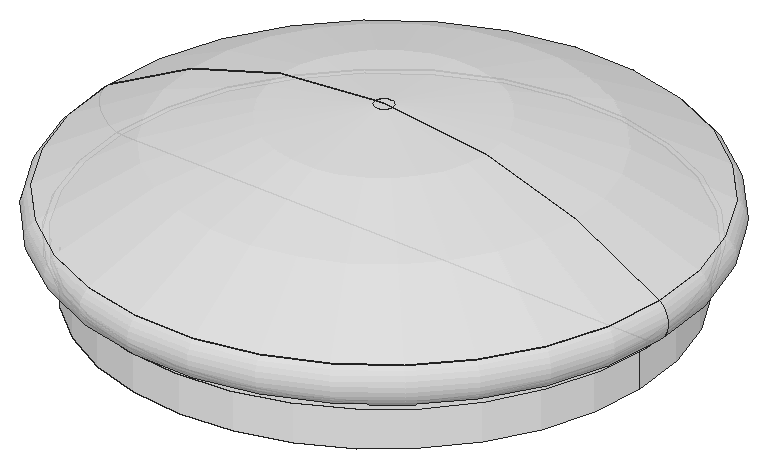
Revit family "0043238 Sylvania Lighting Fixture SYLCIRCLE DIM DUAL TONE 18W 3000K 4000K", category Lighting Fixtures, host Face, Revit 2016
Family settings
  Host = Face
  Part Type = Normal
  Round Connector Dimension = Use Diameter
  OmniClass Number = 23.80.70.11.17
  OmniClass Title = Specialized Lighting by Location or Use
  Cut with Voids When Loaded = No
  Light Source = Yes
  Shared = No
  Room Calculation Point = No
Parameters (values of type "0043238 SYLCIRCLE DIM DUAL TONE 18W 4000K")
  Weight = "3.0 kg"
  WarrantyStartDate [instance] = "n/a"
  WarrantyGuarantorParts = "n/a"
  WarrantyDurationUnit = "n/a"
  WarrantyDurationParts = "n/a"
  WarrantyDescription = "n/a"
  Voltage = 230 V
  TypeName = "SYLCIRCLE DIM DUAL TONE 18W 4000K"
  SerialNumber [instance] = "n/a"
  Radius_FEILO = 165.0 mm
  Wattage = 18 W
  built-in parameter 1150110 = 1 (stored number, unit not read)
  URL = "http://www.sylvania-lighting.com"
  built-in parameter 1114217 = 1 (stored number, unit not read)
  Tilt Angle = -90°
  built-in parameter 1150109 = 1 (stored number, unit not read)
  built-in parameter 1150134 = 12
  built-in parameter 1150113 = 1 (stored number, unit not read)
  PowerFactor = 0.8
  PowerConsumption = "18 W"
  Photometric Web File = "0043238 SYLCIRCLE DIM DUAL TONE 18W 4000K.IES"
  NominalWidth = 0.0 mm
  NominalLength = 330.0 mm
  NominalHeight = 96.0 mm
  Name = "SYLCIRCLE DIM DUAL TONE 18W 3000K/4000K"
  ModelReference = "SYLCIRCLE DIM DUAL TONE 18W 3000K/4000K"
  ModelNumber = "0043238"
  Material_4_FEILO = none
  Material_3_FEILO = Polycarbonate_Sylvania_Sylcircle_Opal
  Material_2_FEILO = Metal_Sylvania_Sylcircle_White
  Material_1_FEILO = none
  Material = "aluminium housing, pmma diffuser"
  ManufacturerName = "Feilo Sylvania"
  LuminousEfficacy = "83 lm/W"
  LuminaireType = ""
  LightOutputRatio = "n/a"
  LampsType = Lamp  # "LED"
  LampNominalLuminous = "1500 lm"
  LampMacAdamStep = "6"
  LampColourTemperature = "4000 K"
  LampColourRenderingIndex = "80"
  Keynote = "16500"
  InstallationDate [instance] = "n/a"
  InputVoltage = "220-240V~"
  InputNominalFrequency = "50 Hz"
  IngressProtection = "IP44"
  ImpactProtectionIndex = "IK03"
  IfcExportType = "IfcLightFixtureType"
  IfcExportAs = "IfcLightFixtureType"
  Height_FEILO = 96.0 mm
  ExpectedLife = 50000
  ElectricShockClassification = "Class I"
  DurationUnit = "hours"
  DocumentationLiterature = "http://www.sylvania-lighting.com/product/en-int/products/0043238"
  DimmingControlOptions = "Dimmable"
  Diameter_FEILO = 2 * Radius_FEILO  # 330.0 mm
  CreatedOn = "5/25/2018"
  CreatedBy = "aron.fodor@sylvania-lighting.com"
  built-in parameter 1114216 [instance] = 1 (stored number, unit not read)
  Model = "SYLCIRCLE DIM DUAL TONE 18W 3000K/4000K"
  Manufacturer = "Feilo Sylvania"
  built-in parameter 1150105 = 389.15 (stored number, unit not read)
  Lumens = 1494 lm
  built-in parameter 1150115 = 1 (stored number, unit not read)
  built-in parameter 1150137 = (empty or 0)
  built-in parameter 1150139 = (empty or 0)
  built-in parameter 1150112 = 1 (stored number, unit not read)
  built-in parameter 1150114 = 1 (stored number, unit not read)
  Lamp = "LED"
  built-in parameter 1150132 = 2
  built-in parameter 1150102 = (empty or 0)
  built-in parameter 1150107 = 4000 (stored number, unit not read)
  built-in parameter 1150138 = (empty or 0)
  built-in parameter 1150106 = 3.8915 (stored number, unit not read)
  built-in parameter 1150104 = 7.711 (stored number, unit not read)
  Dimming Lamp Color Temperature Shift = <None>
  Description = "SYLCIRCLE DIM DUAL TONE 18W with choice of 3000K or 4000K"
  Default Elevation = 0.0 mm
  Color Filter = 16777215
  built-in parameter 1140040 [instance] = 1
  BarCode [instance] = "n/a"
  built-in parameter 1114218 = 1 (stored number, unit not read)
  built-in parameter 1150133 = 10 (stored number, unit not read)
  AssetType = "Fixed"
  AssetIdentifier [instance] = "n/a"
  Assembly Code = "D5020200"
  Apparent Load = 18 VA
Types (2, lengths in mm): name | TypeName | built-in parameter 1150134 | Photometric Web File | LampColourTemperature | built-in parameter 1150107
  0043238 SYLCIRCLE DIM DUAL TONE 18W 3000K | "SYLCIRCLE DIM DUAL TONE 18W 3000K" | (empty or 0) | "0043238.ies" | "3000 K" | 3000 (stored number, unit not read)
  0043238 SYLCIRCLE DIM DUAL TONE 18W 4000K | "SYLCIRCLE DIM DUAL TONE 18W 4000K" | 12 | "0043238 SYLCIRCLE DIM DUAL TONE 18W 4000K.IES" | "4000 K" | 4000 (stored number, unit not read)
Reference planes
  plane 1 "Center (Front/Back)": y = 0
  plane 2: z = 0
  plane 3 "Center (Left/Right)": x = 0
  plane 4: x = 165
  plane 5: z = 23
  plane 6 "Housing Bottom": z = 27
  plane 7: z = 50
  plane 8 "Fixture Bottom": z = 96
  plane 9: x = 160
  plane 10: x = 155
  plane 11: x = 152
  plane 12: x = 148
Forms (mm)
  Revolve 1, solid, material "Polycarbonate_Sylvania_Sylcircle_Opal" <- "Material_3_FEILO", detail levels fine
    sketch origin (0, 0, 0) x (1, 0, 0) y (0, 0, 1)
      loop
        line (0, 96) -> (0, 27) -> (154.962, 27)
        arc (154.962, 27) -> (164.736, 36.911) -> (160, 50) r 13.044
        arc (160, 50) -> (85.841, 84.257) -> (5, 96) r 284.141
        line (5, 96) -> (0, 96)
      axis (0, 96) -> (0, 27)
    angle from 0 to 360
  Revolve 2, solid, material "Metal_Sylvania_Sylcircle_White" <- "Material_2_FEILO", detail levels fine
    sketch origin (0, 0, 0) x (1, 0, 0) y (0, 0, 1)
      loop
        line (152, 27) -> (0, 27) -> (0, 0) -> (148, 0) -> (148, 23) -> (152, 23) -> (152, 27)
      axis (0, 27) -> (0, 0)
    angle from 0 to 360
  Revolve 3, solid, material "Metal_Sylvania_Sylcircle_White" <- "Material_2_FEILO", detail levels coarse+medium
    sketch origin (0, 0, 0) x (1, 0, 0) y (0, 0, 1)
      loop
        line (0, 96) -> (0, 0) -> (148, 0) -> (148, 23) -> (152, 23) -> (152, 27) -> (154.962, 27)
        arc (154.962, 27) -> (164.736, 36.911) -> (160, 50) r 13.044
        arc (160, 50) -> (85.841, 84.257) -> (5, 96) r 284.141
        line (5, 96) -> (0, 96)
      axis (0, 96) -> (0, 0)
    angle from 0 to 360
Dimensions and locks
  "Height_FEILO": plane 8 "Fixture Bottom" to plane 2
  "Radius_FEILO": plane 4 to plane 3 "Center (Left/Right)"
  plane 6 "Housing Bottom" to plane 5 to plane 2 = 4.0 mm locked, 23.0 mm locked
  plane 4 to plane 9 to plane 10 to plane 11 to plane 12 = 5.0 mm locked, 5.0 mm locked, 3.0 mm locked, 4.0 mm locked
  aligned and locked: plane 2 to host face
  aligned and locked: level to host face
  aligned and locked: plane 1 "Center (Front/Back)" to imposter light
  aligned and locked: plane 3 "Center (Left/Right)" to imposter light
  aligned and locked: Revolve 1 sketch curve to plane 3 "Center (Left/Right)"
  aligned and locked: plane 6 "Housing Bottom" to Revolve 1 sketch curve  (x2)
  aligned and locked: Revolve 1 sketch curve to plane 8 "Fixture Bottom"
  aligned and locked: plane 9 to Revolve 1 sketch curve
  aligned and locked: Revolve 2 sketch curve to plane 6 "Housing Bottom"
  aligned and locked: Revolve 2 sketch curve to plane 11
  aligned and locked: Revolve 2 sketch curve to plane 5
  aligned and locked: Revolve 2 sketch curve to plane 12
  aligned and locked: Revolve 2 sketch curve to plane 2
  aligned and locked: Revolve 2 sketch curve to plane 3 "Center (Left/Right)"  (x2)
  aligned and locked: plane 8 "Fixture Bottom" to imposter light
  aligned and locked: plane 9 to Revolve 3 sketch curve
  aligned and locked: plane 6 "Housing Bottom" to Revolve 3 sketch curve
  aligned and locked: plane 7 to Revolve 3 sketch curve
  aligned and locked: Revolve 3 sketch curve to imposter light
  aligned and locked: Revolve 3 sketch curve to plane 11
  aligned and locked: Revolve 3 sketch curve to plane 2
  aligned and locked: Revolve 3 sketch curve to plane 5
  aligned and locked: Revolve 3 sketch curve to plane 12
Automatic sketch dimensions
  host sketch curve to host sketch curve = 1305.563 mm
  host sketch curve to host sketch curve = 1283.632 mm
  Revolve 1 sketch curve to plane 3 "Center (Left/Right)" = 0.0 mm
  Revolve 1 sketch curve to plane 7 = 0.0 mm
  Revolve 1 sketch curve to plane 10 = 0.038 mm
  plane 3 "Center (Left/Right)" to Revolve 1 sketch curve = 5.0 mm
  Revolve 1 sketch curve to plane 10 = 3.007 mm
  Revolve 1 sketch curve to Revolve 1 sketch curve = 234.06 mm
  Revolve 1 sketch curve to Revolve 1 sketch curve = 2559.943 mm
  Revolve 2 sketch curve to level = 372.274 mm
  plane 8 "Fixture Bottom" to Revolve 2 sketch curve = 2559.943 mm
  Revolve 3 sketch curve to plane 3 "Center (Left/Right)" = 0.0 mm  (x2)
  plane 3 "Center (Left/Right)" to Revolve 3 sketch curve = 5.0 mm
  Revolve 3 sketch curve to plane 10 = 0.038 mm
  Revolve 3 sketch curve to plane 11 = 0.007 mm
  Revolve 3 sketch curve to Revolve 3 sketch curve = 234.06 mm
  Revolve 3 sketch curve to Revolve 3 sketch curve = 2559.943 mm
Connectors
  electrical at (0, 0, 0), driven by "Apparent Load", driven by "Voltage", driven by "PowerFactor"
    settings: on Revolve 2, index 1, voltage 230 V, apparent load 0 VA, apparent load phase1 18 VA, apparent load phase2 0 VA, apparent load phase3 0 VA, power factor 0.8, load classification "Lighting", number of poles 1, system type 31, power factor state 1, is connector primary yes, connector utility no, sub classification motor no, connector description ""
